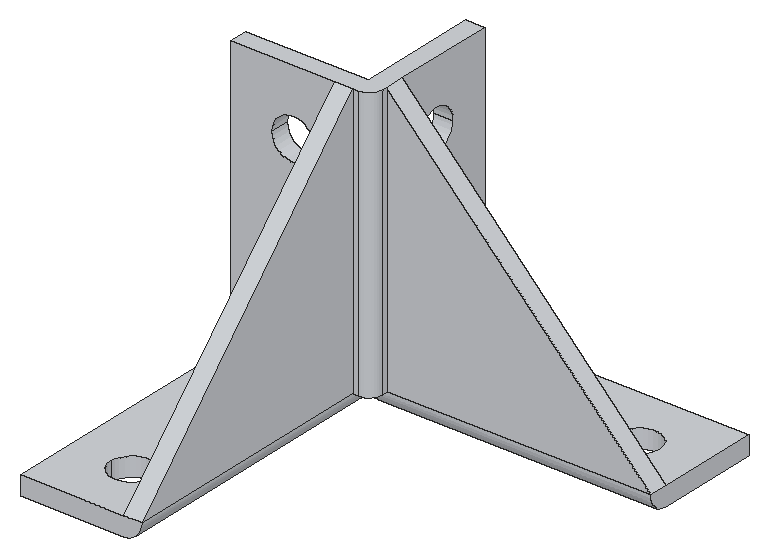
Revit family "Fitting-Wing_Shape-Unistrut-P2226", category Specialty Equipment, Revit 2012
Parameters (values of type "P2226")
  ecoScorecard_data = "http://products.ecoscorecard.com/atkore/P2226"
  ecoScorecard Product Page = "http://products.ecoscorecard.com/atkore/P2226?action=html"
  Weight Per Piece = 2.17 lbf
  Unit = none
  Unistrut Part Number = "P2226"  # constant formula
  URL = "http://unistrut.us/index.php"
  Thickness = 1/4"  # constant formula
  Subcategory = "Wing Shape Fittings"  # constant formula
  Product Page URL = "http://unistrut.us/index.php?WP=cat_detail&S=S05&P=P2226"
  Power Strut Part Number = "PS 943"  # constant formula
  Part Type = "Fitting"  # constant formula
  Overall Width = 5 3/8"  # constant formula
  Overall Length = 5 3/8"  # constant formula
  Overall Height = 3 7/8"  # constant formula
  Model = "P2226"
  Material = ""
  Manufacturer Phone - Toll Free = "800-882-5543"  # constant formula
  Manufacturer Phone = "708-339-1610"  # constant formula
  Manufacturer Fax = "708-339-7814"  # constant formula
  Manufacturer Email = "mailto:jshaw@atkore.com"
  Manufacturer Address = "16100 South Lathrop Avenue, Harvey, IL 60426"  # constant formula
  Manufacturer = "Unistrut by Atkore International"  # constant formula
  Load Capacity Note = "Visit the product page for load application and capacity."  # constant formula
  Literature URL = "http://unistrut.us/index.php?WP=LItLibrary"
  Hole Diameter = 9/16"
  Cost Info = "mailto:jshaw@atkore.com"
  CAD URL = "http://unistrut.us/index.php?WP=CAD3d"
  Assembly Code = "D5020100"
  95 CSI = "16070"  # constant formula
  04 CSI = "26 05 48"  # constant formula
Reference planes (in)
  plane 1 "Center (Front/Back)": y = 0
  plane 2: z = 0
  plane 3 "Center (Left/Right)": x = 0
  plane 4: z = 3.875
  plane 5: x = -2.6875
  plane 6: y = 2.6875
  plane 7: x = 2.6875
  plane 8: y = -2.6875
  plane 9: z = 0.25
  plane 10: y = 1.875
  plane 11: x = -1.859375
  plane 12: y = -1.875
  plane 13: x = 1.875
  plane 14: z = 3
  plane 15: z = 1.125
Dimensions and locks (in)
  "Overall Height": plane 4 to plane 2
  equal spacing: plane 6, plane 1 "Center (Front/Back)", plane 8
  "Overall Length": plane 6 to plane 8
  equal spacing: plane 5, plane 3 "Center (Left/Right)", plane 7
  "Overall Width": plane 5 to plane 7
  "Thickness": plane 9 to plane 2
  aligned and locked: level to plane 2
  aligned and locked: plane 2 to nested 1
Nested families (in)
  nested 1: "2226" at (-1.859375, 0.9375, 3.875) x (1, 0, 0) z (0, 0, -1), type "2226"
Definition of nested family "2226"
  Parameters (values of type "2226")
    Width = 5 3/8"
    Unit = none
    Thickness = 1/4"
    Height = 3 7/8"
    Radiuis = Diameter / 2  # 9/32"
    Length = 5 3/8"
    Diameter = 9/16"
    Default Elevation = 0"
    Bolt Length [instance] = 1 1/2"
  Reference planes (in)
    plane 1 "Center (Front/Back)": y = 0
    plane 2: z = 0
    plane 3 "Center (Left/Right)": x = 0
    plane 4: z = 3.875
    plane 5: y = 1.75
    plane 6: x = 4.546875
    plane 7: y = 0.125
    plane 8: x = 0.828125
    plane 9: x = -0.828125
    plane 10: z = 3.625
    plane 11: z = 0.875
    plane 12: y = 0.9375
    plane 13: y = 0.375
    plane 14: y = -3.625
    plane 15: x = 0.546875
    plane 16: x = 0.796875
  Forms (in)
    Extrusion 1, solid, material <- "Unit"
      sketch origin (0, 0, 0) x (1, 0, 0) y (0, 1, 0)
        loop
          line (-0.828125, 0.125) -> (-0.828125, -0.125) -> (0.8719394, -0.125)
          arc (0.8719394, -0.125) -> (0.9956376, -0.0737626) -> (1.046875, 0.0499356) r 0.1749356
          line (1.046875, 0.0499356) -> (1.046875, 1.75) -> (0.796875, 1.75) -> (0.796875, 0.125) -> (-0.828125, 0.125)
      from 0 to 3.625
    Extrusion 2, solid, material <- "Unit"
      sketch origin (0, 0, 0) x (1, 0, 0) y (0, 0, 1)
        loop
          line (4.546875, 3.875) -> (0.9273983, 3.875)
          arc (0.9273983, 3.875) -> (0.8351044, 3.8367706) -> (0.796875, 3.7444767) r 0.1305233
          line (0.796875, 3.7444767) -> (0.796875, 3.625) -> (4.546875, 3.625) -> (4.546875, 3.875)
      from -1.75 to -0.375
    Extrusion 3, solid, material <- "Unit"
      sketch origin (0, 0, 0) x (1, 0, 0) y (0, 0, 1)
        loop
          line (1.046875, 3.625) -> (1.046875, 0) -> (4.546875, 3.625) -> (1.046875, 3.625)
      from -0.375 to -0.125
    Extrusion 4, solid, material <- "Unit"
      sketch origin (4.546875, 0, 3.875) x (0, 0, -1) y (0, 1, 0)
        loop
          line (0.25, 0.125) -> (0.25, 0.375) -> (0, 0.375)
          arc (0, 0.375) -> (0.0732233, 0.1982233) -> (0.25, 0.125) r 0.25
      from -3.75 to 0
    Extrusion 5, void
      sketch origin (4.546875, 0.375, 3.875) x (0, 0, 1) y (-1, 0, 0)
        loop
          line (0, 3.5882267) -> (0, 3.75) -> (-0.1617733, 3.75)
          arc (-0.1617733, 3.75) -> (-0.0473823, 3.7026177) -> (0, 3.5882267) r 0.1617733
      from -1.831366 to 0.25
    Extrusion 6, void
      sketch origin (0, 0, 0) x (1, 0, 0) y (0, 0, 1)
        loop
          circle (0, 0.875) r 0.28125
        loop
          circle (0, 2.75) r 0.28125
      from -0.125 to 0.125
    Extrusion 7, void
      sketch origin (0, 0, 0) x (1, 0, 0) y (0, 1, 0)
        loop
          circle (3.734375, 0.9375) r 0.28125
        loop
          circle (1.859375, 0.9375) r 0.28125
      from 3.625 to 3.875
    Extrusion 8, solid, material <- "Unit"
      sketch origin (-1.203125, 0.8648983, 0) x (0, -1, 0) y (0, 0, 1)
        loop
          line (4.4898983, 3.875) -> (0.9016717, 3.875)
          arc (0.9016717, 3.875) -> (0.7872806, 3.8276177) -> (0.7398983, 3.7132267) r 0.1617733
          line (0.7398983, 3.7132267) -> (0.7398983, 3.625) -> (4.4898983, 3.625) -> (4.4898983, 3.875)
      from -1.75 to -0.375
    Extrusion 9, solid, material <- "Unit"
      sketch origin (0.421875, 0.921875, 0) x (0, -1, 0) y (0, 0, 1)
        loop
          line (1.046875, 3.625) -> (1.046875, 0) -> (4.546875, 3.625) -> (1.046875, 3.625)
      from -0.375 to -0.125
    Extrusion 10, solid, material <- "Unit"
      sketch origin (-1.203125, -3.625, 3.875) x (0, 0, -1) y (1, 0, 0)
        loop
          arc (0.25, 2) -> (0.0732233, 1.9267767) -> (0, 1.75) r 0.25
          line (0, 1.75) -> (0.25, 1.75) -> (0.25, 2)
      from -3.75 to 0
    Extrusion 11, void
      sketch origin (0.546875, -3.625, 3.625) x (0, 0, -1) y (0, 1, 0)
        loop
          line (-0.0882267, 3.75) -> (-0.25, 3.75) -> (-0.25, 3.5882267)
          arc (-0.25, 3.5882267) -> (-0.2026177, 3.7026177) -> (-0.0882267, 3.75) r 0.1617733
      from -1.375 to 0.25
    Extrusion 12, void
      sketch origin (0, 0, 0) x (1, 0, 0) y (0, 1, 0)
        loop
          circle (0, -2.8125) r 0.28125
        loop
          circle (0, -0.9375) r 0.28125
      from 3.625 to 3.875
    Extrusion 13, void
      sketch origin (0, 0, 0) x (0, 1, 0) y (0, 0, 1)
        loop
          circle (0.9375, 0.875) r 0.28125
        loop
          circle (0.9375, 2.75) r 0.28125
      from 0.796875 to 1.046875
  Cuts and joins
    Extrusion 6, Extrusion 7, Extrusion 12, Extrusion 13 cuts Extrusion 1
    Extrusion 5, Extrusion 6, Extrusion 7, Extrusion 12, Extrusion 13 cuts Extrusion 2
    Extrusion 6, Extrusion 7, Extrusion 12, Extrusion 13 cuts Extrusion 3
    Extrusion 5, Extrusion 6, Extrusion 7, Extrusion 12, Extrusion 13 cuts Extrusion 4
    Extrusion 12, Extrusion 13 cuts Extrusion 8
    Extrusion 12, Extrusion 13 cuts Extrusion 9
    Extrusion 11, Extrusion 12, Extrusion 13 cuts Extrusion 10
    joined: Extrusion 1, Extrusion 2, Extrusion 3, Extrusion 4, Extrusion 8, Extrusion 9, Extrusion 10
  Dimensions and locks (in)
    "Height": plane 4 to plane 2
    equal spacing: plane 9, plane 3 "Center (Left/Right)", plane 8
    plane 9 to plane 8 = 1 21/32"
    "Thickness": plane 4 to plane 10
    locked: plane 13 to plane 7 at 0.25
    "Width": plane 9 to plane 6
    locked: plane 7 to plane 14 at 3.75
    "Length": plane 5 to plane 14
    "Thickness": Extrusion 1 sketch curve to Extrusion 1 sketch curve
    cut or joined group of Extrusion 1, Extrusion 2, Extrusion 3, Extrusion 4, Extrusion 5, Extrusion 6, Extrusion 7, Extrusion 8, Extrusion 9, Extrusion 10, Extrusion 11, Extrusion 12, Extrusion 13 to plane 6 = 3 3/4"
    "Radiuis": radius of Extrusion 6 sketch curve  (x2)
    "Radiuis": radius of Extrusion 7 sketch curve  (x2)
    "Radiuis": radius of Extrusion 12 sketch curve  (x2)
    "Radiuis": radius of Extrusion 13 sketch curve  (x2)
    aligned and locked: level to plane 2
    aligned and locked: Extrusion 1 sketch curve to plane 7
    aligned and locked: Extrusion 1 sketch curve to plane 9
    aligned and locked: plane 10 to Extrusion 1
    aligned and locked: Extrusion 1 to plane 2
    aligned and locked: plane 6 to Extrusion 2 sketch curve
    aligned and locked: Extrusion 2 sketch curve to plane 4
    aligned and locked: Extrusion 2 sketch curve to plane 10
    aligned and locked: plane 5 to Extrusion 2
    aligned and locked: Extrusion 3 sketch curve to plane 10
    aligned and locked: Extrusion 3 to plane 13
    aligned and locked: Extrusion 3 to plane 7
    aligned and locked: Extrusion 4 sketch curve to Extrusion 3
    aligned and locked: plane 3 "Center (Left/Right)" to Extrusion 6 sketch curve  (x2)
    aligned and locked: Extrusion 1 to Extrusion 6  (x2)
    aligned and locked: plane 12 to Extrusion 7 sketch curve  (x2)
    aligned and locked: Extrusion 7 to Extrusion 1
    aligned and locked: Extrusion 2 to Extrusion 7
    aligned and locked: Extrusion 8 to plane 9
    aligned and locked: Extrusion 8 to plane 14
    aligned and locked: plane 7 to Extrusion 8 sketch curve
    aligned and locked: Extrusion 8 sketch curve to plane 4
    aligned and locked: plane 14 to Extrusion 8 sketch curve
    aligned and locked: Extrusion 8 sketch curve to plane 10
    aligned and locked: Extrusion 9 sketch curve to plane 10
    aligned and locked: Extrusion 9 to plane 15
    aligned and locked: plane 15 to Extrusion 8
    aligned and locked: Extrusion 10 sketch curve to Extrusion 9
    aligned and locked: Extrusion 10 sketch curve to Extrusion 8
    aligned and locked: Extrusion 10 to Extrusion 8
    aligned and locked: Extrusion 10 to Extrusion 11 sketch curve
    aligned and locked: Extrusion 11 sketch curve to Extrusion 8
    aligned and locked: Extrusion 11 sketch curve to Extrusion 10
    aligned and locked: Extrusion 9 to Extrusion 11
    aligned and locked: plane 3 "Center (Left/Right)" to Extrusion 12 sketch curve  (x2)
    aligned and locked: Extrusion 12 to Extrusion 1
    aligned and locked: Extrusion 2 to Extrusion 12
    aligned and locked: plane 12 to Extrusion 13 sketch curve  (x2)
    aligned and locked: plane 16 to Extrusion 2 sketch curve
    aligned and locked: Extrusion 4 to Extrusion 1
    aligned and locked: Extrusion 1 to Extrusion 13
  Automatic sketch dimensions
    plane 8 to Extrusion 2 sketch curve = 0.09927"
    plane 6 to Extrusion 3 sketch curve = 0"
    Extrusion 3 sketch curve to level = 0"
    Extrusion 4 to Extrusion 5 sketch curve = 0"  (x2)
    Extrusion 5 sketch curve to Extrusion 4 = 0"  (x2)
    Extrusion 5 sketch curve to Extrusion 4 = 0.08823"
    Extrusion 5 sketch curve to Extrusion 5 sketch curve = 0"  (x2)
    Extrusion 6 sketch curve to plane 11 = 0"
    Extrusion 6 sketch curve to plane 10 = 7/8"
    plane 8 to Extrusion 7 sketch curve = 1 1/32"
    plane 6 to Extrusion 7 sketch curve = 13/16"
    plane 1 "Center (Front/Back)" to Extrusion 8 sketch curve = 0.03677"
    Extrusion 9 sketch curve to plane 14 = 0"
    Extrusion 10 sketch curve to Extrusion 8 = 0"
    Extrusion 11 sketch curve to Extrusion 10 = 0.08823"
    Extrusion 11 sketch curve to Extrusion 10 = 3.58823"
    Extrusion 9 sketch curve to level = 0"
    plane 1 "Center (Front/Back)" to Extrusion 9 sketch curve = 1/8"
    plane 14 to Extrusion 12 sketch curve = 13/16"
    plane 1 "Center (Front/Back)" to Extrusion 12 sketch curve = 15/16"
    Extrusion 13 sketch curve to plane 11 = 0"
    Extrusion 13 sketch curve to plane 10 = 7/8"
    plane 8 to Extrusion 3 sketch curve = 7/32"
    Extrusion 1 sketch curve to plane 5 = 0"
    Extrusion 1 sketch curve to plane 16 = 0"
    plane 8 to Extrusion 1 sketch curve = 0.04381"
    plane 8 to Extrusion 1 sketch curve = 7/32"
    Extrusion 4 sketch curve to plane 4 = 0"
    Extrusion 4 sketch curve to plane 5 = 1 5/8"
